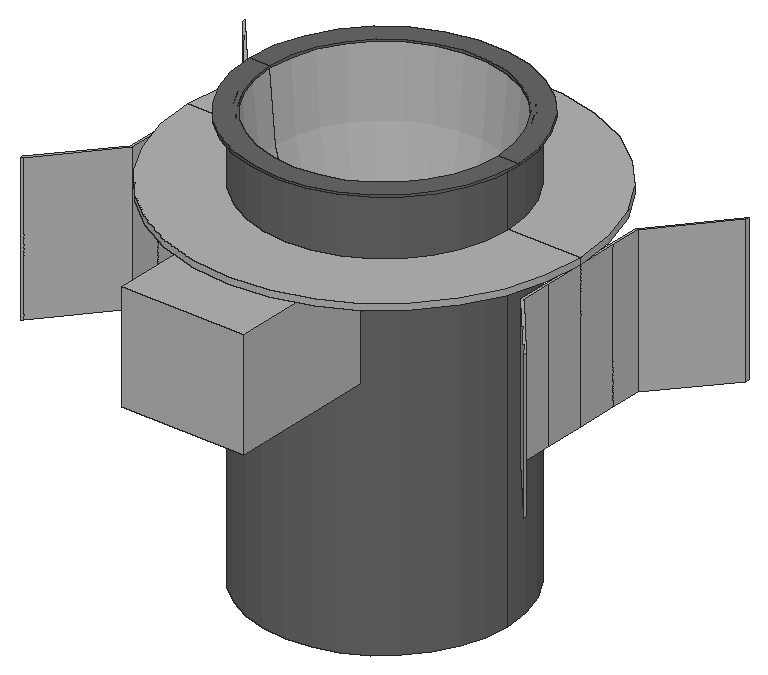
Revit family "79X", category Lighting Fixtures, host Face, Revit 2014
Parameters (values of type "79X-ST832_150W_PAR38_FLOOD")
  Watts = 150 W
  Wattage Comments = "75-150 W"
  Wattage = 150 W
  built-in parameter 1150110 = 1 (stored number, unit not read)
  Voltage = 120 V
  URL = "https://www.hubbell.com/prescolite/en/"
  built-in parameter 1114217 = 1 (stored number, unit not read)
  Tilt Angle = -90.00°
  built-in parameter 1150109 = 1 (stored number, unit not read)
  built-in parameter 1150134 = 3
  built-in parameter 1150113 = 1 (stored number, unit not read)
  Product Specification Sheet = "http://www.prescolite.com/content/products/specs/specs_files/arch_inc_019.pdf"
  Product Page URL = "https://www.hubbell.com/hubbelllightingci/en/Products/Lighting-Controls/Commercial-Indoor-Lighting/Recessed-Downlights/79X/p/212788"
  Power Factor = 1
  Photometric Web File = "79x-st832_150w_par38_flood.ies"
  Model = "79X"  # constant formula
  Manufacturer = "Prescolite"  # constant formula
  built-in parameter 1150105 = 8216.9 (stored number, unit not read)
  Lumens = 2200.5 lm
  built-in parameter 1150115 = 1 (stored number, unit not read)
  Load Classification = Lighting
  built-in parameter 1150137 = (empty or 0)
  built-in parameter 1150139 = (empty or 0)
  built-in parameter 1150112 = 1 (stored number, unit not read)
  built-in parameter 1150114 = 1 (stored number, unit not read)
  Lamp = "PAR38 Lamp"  # constant formula
  built-in parameter 1150132 = (empty or 0)
  built-in parameter 1150102 = (empty or 0)
  built-in parameter 1150107 = 3200 (stored number, unit not read)
  built-in parameter 1150138 = (empty or 0)
  built-in parameter 1150106 = 82.169 (stored number, unit not read)
  Housing Material = Paint - Hubbell - Black
  Reflector Finish = Steel - Hubbell
  Emit from Circle Diameter = 6"  # constant formula
  Emit Shape Visible in Rendering = no
  built-in parameter 1150104 = 1.3629 (stored number, unit not read)
  Dimming Lamp Color Temperature Shift = <None>
  Description = "6 Inch PARABOLIC AND BAFFLE DOWNLIGHTS"  # constant formula
  Default Elevation = 48"
  Contact Us = "https://www.hubbell.com/prescolite/en/contactUs"
  Color Filter = 16777215
  built-in parameter 1114218 = 1 (stored number, unit not read)
  built-in parameter 1150133 = 10 (stored number, unit not read)
  Assembly Code = "D5020200"
  Apparent Load = 0 VA
Types (4): name | Watts | Wattage | Product Specification Sheet | Photometric Web File | built-in parameter 1150105 | Lumens | built-in parameter 1150106
  79X-ST832_150W_PAR38_FLOOD | 150 W | 150 W | "http://www.prescolite.com/content/products/specs/specs_files/arch_inc_019.pdf" | "79x-st832_150w_par38_flood.ies" | 8216.9 (stored number, unit not read) | 2200.5 lm | 82.169 (stored number, unit not read)
  79X-ST832_150W_PAR38_SPOT | 150 W | 150 W | "http://www.prescolite.com/content/products/specs/specs_files/arch_inc_019.pdf" | "79x-st832_150w_par38_spot.ies" | 8216.9 (stored number, unit not read) | 2200.5 lm | 82.169 (stored number, unit not read)
  79X-ST832_75W_R30_FLOOD | 75 W | 75 W | "https://hubbellcdn.com/specsheet/arch_inc_019.pdf" | "79x-st832_75w_r30_flood.ies" | 4108.4 (stored number, unit not read) | 1100.25 lm | 41.084 (stored number, unit not read)
  79X-ST832_75W_R30_SPOT | 75 W | 75 W | "http://www.prescolite.com/content/products/specs/specs_files/arch_inc_019.pdf" | "79x-st832_75w_r30_spot.ies" | 4108.4 (stored number, unit not read) | 1100.25 lm | 41.084 (stored number, unit not read)
Reference planes (in)
  plane 1 "Center (Front/Back)": y = 0
  plane 2: z = 0
  plane 3 "Center (Left/Right)": x = 0
  plane 4: y = 6.1875
  plane 5: y = -6.1875
  plane 6: x = -6.1875
  plane 7: x = 6.1875
  plane 8: z = 0.05
  plane 9: z = -10.25
  plane 10: z = -9.25
  plane 11: x = -3.03931
  plane 12: x = -2.92208
  plane 13: z = -1.4985
  plane 14: z = -1.64886
  plane 15: x = -1.5
  plane 16: x = 1.5
  plane 17: z = 0.175
Forms (in)
  Extrusion 1, void
    sketch origin (0, 0, 0) x (1, 0, 0) y (0, 1, 0)
      loop
        line (-6.1875, 6.1875) -> (-6.1875, -6.1875) -> (6.1875, -6.1875) -> (6.1875, 6.1875) -> (-6.1875, 6.1875)
    from -1.49907 to -13.5
  Revolve 2, solid, material "Paint - Hubbell - Black" <- "Housing Material"
    sketch origin (0, 0, 0) x (1, 0, 0) y (0, 0, 1)
      loop
        line (-3.03931, 0) -> (-3.03931, -10.25) -> (0, -10.25) -> (0, -9.25) -> (-2.92208, -9.25) -> (-2.92208, 0) -> (-3.03931, 0)
      axis (0, 0) -> (0, -10.25)
    angle from 0 to 360
  Revolve 3, solid, material "Paint - Hubbell - Black" <- "Housing Material"
    sketch origin (0, 0, 0) x (1, 0, 0) y (0, 0, 1)
      loop
        line (-3.31, 0) -> (-2.81, 0) -> (-2.81, 0.05) -> (-3.31, 0.05) -> (-3.31, 0)
      axis (0, 0.05) -> (0, 0)
    angle from 0 to 360
  Extrusion 4, void
    sketch origin (0, 0, 0) x (1, 0, 0) y (0, 1, 0)
      loop
        circle (0, 0) r 2.92208
    from 0 to -12
  Revolve 5, solid, material "Steel - Hubbell" <- "Reflector Finish"
    sketch origin (0, 0, 0) x (1, 0, 0) y (0, 0, 1)
      loop
        line (-3.01895, -1.4985) -> (-4.82433, -1.4985) -> (-4.82433, -1.64886) -> (-3.01895, -1.64886) -> (-3.01895, -1.4985)
      axis (0, -1.4985) -> (0, -1.64886)
    angle from 0 to 360
  Extrusion 6, solid, material "Steel - Hubbell" <- "Reflector Finish"
    sketch origin (0, 0, 0) x (1, 0, 0) y (0, 1, 0)
      loop
        line (-4.82433, 0) -> (-4.82433, -1) -> (-4.82433, -1.75) -> (-6.1875, -3.37457) -> (-6.1875, -3.45357) -> (-6.1486, -3.40721) -> (-4.77355, -1.76848) -> (-4.77355, -1) -> (-4.77355, 0) -> (-4.77355, 1) -> (-4.77355, 1.76848) -> (-6.1486, 3.40721) -> (-6.1875, 3.45357) -> (-6.1875, 3.37457) -> (-4.82433, 1.75) -> (-4.82433, 1) -> (-4.82433, 0)
      loop
        line (4.82433, 0) -> (4.82433, 1) -> (4.82433, 1.75) -> (6.1875, 3.37457) -> (6.1875, 3.45357) -> (6.1486, 3.40721) -> (4.77355, 1.76848) -> (4.77355, 1) -> (4.77355, 0) -> (4.77355, -1) -> (4.77355, -1.76848) -> (6.1486, -3.40721) -> (6.1875, -3.45357) -> (6.1875, -3.37457) -> (4.82433, -1.75) -> (4.82433, -1) -> (4.82433, 0)
    from -1.64886 to -5.22372
  Extrusion 7, solid, material "Steel - Hubbell" <- "Reflector Finish"
    sketch origin (0, 0, 0) x (1, 0, 0) y (0, 1, 0)
      loop
        line (1.5, -6.1875) -> (1.5, -2.64337)
        arc (1.5, -2.64337) -> (0, -3.03931) -> (-1.5, -2.64337) r 3.03931
        line (-1.5, -2.64337) -> (-1.5, -6.1875) -> (1.5, -6.1875)
    from -1.64886 to -4.28565
  Revolve 8, solid, material "Steel - Hubbell" <- "Reflector Finish"
    sketch origin (0, 0, 0) x (1, 0, 0) y (0, 0, 1)
      loop
        line (0, -9.25) -> (0, -6.35053)
        arc (0, -6.35053) -> (-0.86879, -5.69274) -> (-1.53403, -4.82963) r 4.1073
        arc (-1.53403, -4.82963) -> (-2.49899, -2.5) -> (-2.82812, 0) r 9.65926
        line (-2.82812, 0) -> (-2.87812, 0) -> (-2.87812, -9.25) -> (0, -9.25)
      axis (0, 0) -> (0, -9.25)
    angle from 0 to 360
Cuts and joins
  Extrusion 4 cuts Revolve 3
Dimensions and locks (in)
  locked: plane 5 to plane 1 "Center (Front/Back)" at 6.1875
  locked: plane 4 to plane 1 "Center (Front/Back)" at 6.1875
  locked: plane 6 to plane 3 "Center (Left/Right)" at 6.1875
  locked: plane 3 "Center (Left/Right)" to plane 7 at 6.1875
  imposter light to Revolve 3 sketch curve = 3.31"
  Revolve 8 sketch curve to host face = 3.30938"
  locked: plane 8 to plane 2 at 0.05
  plane 2 to plane 9 = 10 1/4"
  locked: plane 10 to plane 9 at 1
  plane 3 "Center (Left/Right)" to plane 11 = 3.03931"
  locked: plane 12 to plane 11 at 0.11723
  locked: plane 2 to plane 13 at 1.4985
  locked: plane 13 to plane 14 at 0.15037
  aligned and locked: host face to plane 2
  aligned and locked: level to host face
  aligned and locked: Extrusion 1 sketch curve to plane 4
  aligned and locked: plane 6 to Extrusion 1 sketch curve
  aligned and locked: Extrusion 1 sketch curve to plane 5
  aligned and locked: Extrusion 1 sketch curve to plane 7
  aligned and locked: Revolve 2 sketch curve to plane 3 "Center (Left/Right)"  (x2)
  aligned and locked: Revolve 3 sketch curve to plane 3 "Center (Left/Right)"
  aligned and locked: Revolve 2 sketch curve to level
  aligned and locked: Extrusion 4 sketch curve to Revolve 2  (x2)
  aligned and locked: Revolve 5 to Extrusion 6
  aligned and locked: Revolve 5 to Extrusion 7
  aligned and locked: Extrusion 7 sketch curve to Revolve 2
  aligned and locked: Revolve 8 sketch curve to host face
  aligned and locked: Revolve 2 sketch curve to plane 9
  aligned and locked: Revolve 2 sketch curve to plane 10
  aligned and locked: plane 11 to Revolve 2 sketch curve
  aligned and locked: plane 12 to Revolve 2 sketch curve
  aligned and locked: Revolve 8 sketch curve to Revolve 2
  aligned and locked: plane 13 to Revolve 5 sketch curve
  aligned and locked: plane 14 to Revolve 5 sketch curve
  aligned and locked: Revolve 3 sketch curve to plane 8
  aligned and locked: plane 2 to Revolve 3 sketch curve
  aligned and locked: Extrusion 7 sketch curve to plane 5
  aligned and locked: plane 16 to Extrusion 7 sketch curve
  aligned and locked: plane 15 to Extrusion 7 sketch curve
  aligned and locked: Revolve 8 sketch curve to plane 3 "Center (Left/Right)"
  aligned and locked: imposter light to plane 17
Connectors (in)
  electrical at (0, 0, -10.25), driven by "Voltage", driven by "Load Classification", driven by "Apparent Load", driven by "Power Factor"
    settings: on Revolve 2, index 1, voltage 120 V, apparent load 0 VA, apparent load phase1 0 VA, apparent load phase2 0 VA, apparent load phase3 0 VA, power factor 1, load classification "Lighting", number of poles 1, system type 30, power factor state 1, is connector primary yes, connector utility no, sub classification motor no, connector description "Lighting Connector"
